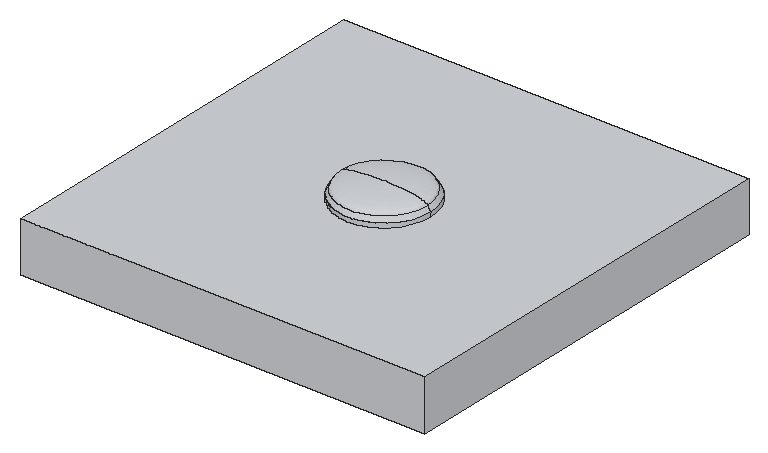
Revit family "OMEGA 2 EVO", category Luminaires, Revit 2021
Family settings
  Hôte = Face
  Cote de connecteur circulaire = Utiliser le diamètre
  Type d'élément = Normal
  Numéro OmniClass = 23.80.70.11.17
  Titre OmniClass = Specialized Lighting by Location or Use
  Couper avec des vides une fois chargée = Oui
  Source d'éclairage = Oui
  Partagée = Non
  Point de calcul de pièce = Oui
Parameters (values of type "820251")
  nbr poles = 1  # constant formula
  longueur = 55 mm
  indice de charge = Eclairage
  hauteur = 25 mm
  diametre = 280 mm
  URL = "https://www.resistex-sa.com/fr/omega-2-evo-1xe27-nr-454.html"
  Tension = 230 V  # constant formula
  built-in parameter 1150107 = 3000 (stored number, unit not read)
  Wattage = 13 W
  built-in parameter 1150110 = 1 (stored number, unit not read)
  built-in parameter 1150109 = 1 (stored number, unit not read)
  built-in parameter 1114218 = 1 (stored number, unit not read)
  built-in parameter 1150113 = 1 (stored number, unit not read)
  built-in parameter 1150112 = 1 (stored number, unit not read)
  built-in parameter 1150137 = (empty or 0)
  built-in parameter 1150132 = (empty or 0)
  Modèle = "OMEGALED ø280"
  built-in parameter 1150105 = 2078.3 (stored number, unit not read)
  built-in parameter 1150102 = (empty or 0)
  Type Image = (empty or 0)
  IP = "IP 65"  # constant formula
  IK = "IK 10"  # constant formula
  Gradation des changements de température de couleur de lampe = <Aucun>
  Garantie = "2 ans"  # constant formula
  Lumens = 26117 lm
  Color Filter = 16777215
  Fichier de distribution photométrique = "OMEGA2EVO_820251_LD.ies"
  built-in parameter 1114217 = 1 (stored number, unit not read)
  built-in parameter 1150139 = (empty or 0)
  Fabricant = "Resistex"  # constant formula
  Emit from Circle Diameter = 609.6 mm
  Emettre la visibilité des formes dans le rendu = no
  Default Elevation = 1219.2 mm
  built-in parameter 1150104 = 186.64 (stored number, unit not read)
  built-in parameter 1150106 = 20.783 (stored number, unit not read)
  built-in parameter 1150115 = 1 (stored number, unit not read)
  built-in parameter 1150114 = 1 (stored number, unit not read)
  Description = "Hublot équipé dune douille E27\r\nCouleur : Noir\r\nIP 65, IK 10\r\nVis antivandale\r\nDiam. 290mm x Haut. 100mm\r\nDiffuseur Polycarbonate Direct/Symétrique Opalescent, Corps en Nylon renforcé\r\nGarantie 2 ans\r\nIndice de réparabilité 8,5"
  built-in parameter 1150138 = (empty or 0)
  built-in parameter 1150134 = (empty or 0)
  Commentaires relatifs à la puissance = "13"
  built-in parameter 1114216 [instance] = (empty or 0)
  Apparent Load = 26 VA
  Tilt Angle = 60.00°
  built-in parameter 1150133 = 10 (stored number, unit not read)
Types (5, lengths in mm): name | diametre | URL | Wattage | Modèle | built-in parameter 1150105 | Lumens | Fichier de distribution photométrique | built-in parameter 1150104 | built-in parameter 1150106
  (no name) | 280 | "https://www.resistex-sa.com/fr/omega-2-evo-1xe27-nr-454.html" | 13 W | "OMEGALED ø280" | 2078.3 (stored number, unit not read) | 26117 lm | "OMEGA2EVO_820251_LD.ies" | 186.64 (stored number, unit not read) | 20.783 (stored number, unit not read)
  820259 | 280 | "https://www.resistex-sa.com/fr/omega-2-evo-1xe27-nr-454.html" | 14 W | "OMEGALED ø280" | 130.35 (stored number, unit not read) | 1638 lm | "OMEGA2EVO_820259_LD.ies" | 10.87 (stored number, unit not read) | 1.3035 (stored number, unit not read)
  820251 | 280 | "https://www.resistex-sa.com/fr/omega-2-evo-1xe27-nr-454.html" | 13 W | "OMEGALED ø280" | 2078.3 (stored number, unit not read) | 26117 lm | "OMEGA2EVO_820251_LD.ies" | 186.64 (stored number, unit not read) | 20.783 (stored number, unit not read)
  821121 | 376 | "https://www.resistex-sa.com/fr/omega-2-evo-2xe27-nr-179.html" | 13 W | "OMEGALED ø376" | 121.04 (stored number, unit not read) | 1521 lm | "OMEGA2EVO_821121_LD.ies" | 10.87 (stored number, unit not read) | 1.2104 (stored number, unit not read)
  821129 | 376 | "https://www.resistex-sa.com/fr/omega-2-evo-2xe27-bl-178.html" | 13 W | "OMEGALED ø376" | 121.04 (stored number, unit not read) | 1521 lm | "OMEGA2EVO_821129_LD.ies" | 10.87 (stored number, unit not read) | 1.2104 (stored number, unit not read)
Reference planes
  plane 1 "Centre (avant/arrière)": y = 0
  plane 2: z = 0
  plane 3 "Centre (gauche/droite)": x = 0
  plane 4 "debut diffuseur": z = 55
Forms (mm)
  Extrusion 1, solid
    sketch origin (0, 0, 0) x (1, 0, 0) y (0, 1, 0)
      loop
        line (-1219.2, 1219.2) -> (-1219.2, -1219.2) -> (1219.2, -1219.2) -> (1219.2, 1219.2) -> (-1219.2, 1219.2)
    from 0 to -304.8
  Extrusion 2, solid
    sketch origin (0, 0, 0) x (1, 0, 0) y (0, 1, 0)
      loop
        circle (0, 0) r 280
    from 0 to 25 <- "hauteur"
  Revolve 3, solid
    sketch origin (0, 0, -0.311) x (1, 0, 0) y (0, 0, 1)
      loop
        line (-280, 25.311) -> (-262.5, 25.311) -> (-262.5, 55.311) -> (-280, 25.311)
      axis (0, 55.311) -> (0, 25.311)
    angle from 0 to 360
  Revolve 4, solid
    sketch origin (0, 0, 0) x (1, 0, 0) y (0, 0, 1)
      loop
        line (0, 95) -> (0, 55) -> (262.5, 55)
        spline (262.5, 55) -> (260.254, 60.221) -> (253.556, 65.353) -> (242.518, 70.307) -> (227.332, 75) -> (208.255, 79.35) -> (185.616, 83.284) -> (159.8, 86.734) -> (131.25, 89.641) -> (100.454, 91.955) -> (67.94, 93.637) -> (34.263, 94.658) -> (0, 95)
      axis (0, 95) -> (0, 55)
    angle from 0 to 360
Dimensions and locks
  "longueur": plane 4 "debut diffuseur" to Extrusion 1
  aligned and locked: plane 2 to Extrusion 1
  aligned and locked: level to Extrusion 1
  aligned and locked: Revolve 3 sketch curve to plane 3 "Centre (gauche/droite)"
  aligned and locked: plane 4 "debut diffuseur" to Revolve 3
  aligned and locked: Revolve 3 to Revolve 4 sketch curve
  aligned and locked: Revolve 4 sketch curve to plane 3 "Centre (gauche/droite)"
Automatic sketch dimensions
  Extrusion 1 sketch curve to Extrusion 1 sketch curve = 2438.4 mm  (x2)
  plane 1 "Centre (avant/arrière)" to Extrusion 2 sketch curve = 0 mm
  Extrusion 2 sketch curve to plane 3 "Centre (gauche/droite)" = 0 mm
  Revolve 3 sketch curve to plane 4 "debut diffuseur" = 0 mm
  Revolve 3 sketch curve to plane 3 "Centre (gauche/droite)" = 262.5 mm
  level to Revolve 3 sketch curve = 25 mm
  Revolve 3 sketch curve to Revolve 3 sketch curve = 17.5 mm
  Revolve 3 sketch curve to level = 609.6 mm
  plane 4 "debut diffuseur" to Revolve 3 sketch curve = 2553.747 mm
  Revolve 4 sketch curve to plane 3 "Centre (gauche/droite)" = 0 mm
  plane 3 "Centre (gauche/droite)" to Revolve 4 sketch curve = 262.5 mm
  Revolve 4 sketch curve to Revolve 4 sketch curve = 40 mm
  Revolve 4 sketch curve to level = 609.6 mm
  Revolve 4 sketch curve to Revolve 4 sketch curve = 2513.747 mm
  radius of Extrusion 2 sketch curve = 280 mm
Connectors
  electrical at (0, 0, 0), driven by "nbr poles", driven by "indice de charge", driven by "Tension", driven by "Apparent Load", driven by "Apparent Load"
    settings: on Extrusion 2, index 1, voltage 230 V, apparent load 0 VA, apparent load phase1 26 VA, apparent load phase2 26 VA, apparent load phase3 0 VA, power factor 1, load classification "Eclairage", number of poles 1, system type 31, power factor state 1, is connector primary yes, connector utility no, sub classification motor no, connector description ""
